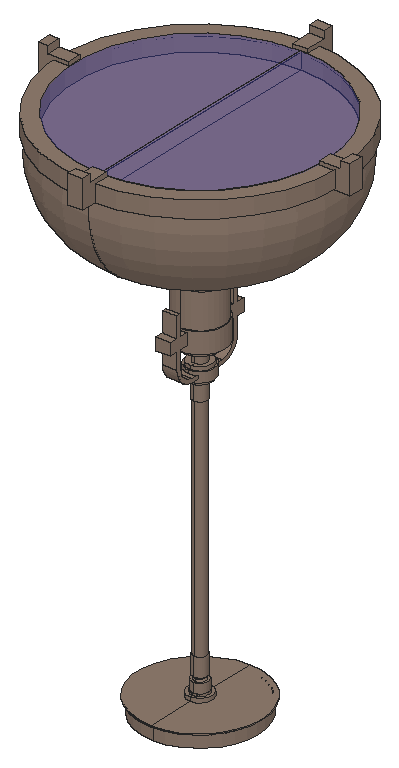
Revit family "3-6203-22 VIDA", category Lighting Fixtures, Revit 2014
Parameters
  Wattage = 9.2903 W
  built-in parameter 1150110 = 1 (stored number, unit not read)
  built-in parameter 1114217 = 1 (stored number, unit not read)
  Tilt Angle = 60.00°
  built-in parameter 1150109 = 1 (stored number, unit not read)
  built-in parameter 1150134 = 3
  built-in parameter 1150113 = 1 (stored number, unit not read)
  Stem  Length = 1' - 0"
  Photometric Web File = "generic"
  built-in parameter 1150142 = (empty or 0)
  Metal Finsih = 22- Oiled Bronze
  built-in parameter 1150105 = 109.82 (stored number, unit not read)
  Lumens = 1380 lm
  built-in parameter 1150115 = 1 (stored number, unit not read)
  built-in parameter 1150137 = (empty or 0)
  built-in parameter 1150139 = (empty or 0)
  built-in parameter 1150112 = 1 (stored number, unit not read)
  built-in parameter 1150114 = 1 (stored number, unit not read)
  built-in parameter 1150132 = (empty or 0)
  built-in parameter 1150102 = (empty or 0)
  built-in parameter 1150107 = 3200 (stored number, unit not read)
  built-in parameter 1150138 = (empty or 0)
  built-in parameter 1150106 = 1.0982 (stored number, unit not read)
  Emit from Circle Diameter = 1' - 0"
  Emit Shape Visible in Rendering = no
  built-in parameter 1150104 = 13.8 (stored number, unit not read)
  Dimming Lamp Color Temperature Shift = (empty or 0)
  Diffuser = Glass
  Default Elevation = 4' - 0"
  Color Filter = 16777215
  built-in parameter 1114218 = 1 (stored number, unit not read)
  built-in parameter 1150133 = 10 (stored number, unit not read)
Reference planes (in)
  plane 1 "Light Source Axis (F/B)": y = 0
  plane 2: z = 0
  plane 3 "Light Source Axis (L/R)": x = 0
  plane 4 "Light Source Elevation": z = 54
  plane 5: z = 0.7874
  plane 6: z = 2.75966
  plane 7: z = 14.75966
  plane 8: x = -0.25
  plane 9: x = 0.25
  plane 10: x = -0.375
  plane 11: x = 0.375
  plane 12: z = 28.14206
  plane 13: z = 20.46686
  plane 14: z = 15.70454
  plane 15: z = 16.53086
  plane 16: z = 17.23934
  plane 17: z = 27.25646
  plane 18: z = 19.56158
  plane 19: z = 16.01918
  plane 20: z = 28.73246
Forms (in)
  Revolve 1, solid, material "22- Oiled Bronze" <- "Metal Finsih"
    sketch origin (0, 0, 0) x (0, 1, 0) y (0, 0, 1)
      loop
        line (3.05117, 0) -> (3.05117, 0.62992)
        arc (3.05117, 0.62992) -> (3.01658, 0.71344) -> (2.93306, 0.74803) r 0.11811
        line (2.93306, 0.74803) -> (3.24802, 0.74803) -> (3.24802, 0.7874) -> (0, 0.7874) -> (0, 0) -> (3.05117, 0)
      axis (0, 0.7874) -> (0, 0)
    angle from 0 to 360
  Revolve 2, solid, material "22- Oiled Bronze" <- "Metal Finsih"
    sketch origin (0, 0, 0) x (0, 1, 0) y (0, 0, 1)
      loop
        line (0.37401, 2.75966) -> (0, 2.75966) -> (0, 0.7874) -> (0.62992, 0.7874) -> (0.62992, 0.98425) -> (0.45276, 0.98425) -> (0.45276, 1.07022) -> (0.43307, 1.09513) -> (0.43307, 1.56757) -> (0.27869, 1.56757)
        arc (0.27869, 1.56757) -> (0.24091, 1.6153) -> (0.19685, 1.6573) r 0.4362
        line (0.19685, 1.6573) -> (0.19685, 1.73604) -> (0.31496, 1.73604) -> (0.31496, 1.81478) -> (0.37401, 1.81478) -> (0.37401, 2.75966)
      axis (0, 2.75966) -> (0, 0.7874)
    angle from 0 to 360
  Revolve 3, solid, material "22- Oiled Bronze" <- "Metal Finsih"
    sketch origin (0, 0, 0) x (0, 1, 0) y (0, 0, 1)
      loop
        line (0.31496, 2.75966) -> (0.31496, 14.75966) -> (0, 14.75966) -> (0, 2.75966) -> (0.31496, 2.75966)
      axis (0, 14.75966) -> (0, 2.75966)
    angle from 0 to 360
  Extrusion 4, solid, material "22- Oiled Bronze" <- "Metal Finsih"
    sketch origin (0, 0, 0) x (0, 1, 0) y (0, 0, 1)
      loop
        line (-1.95816, 19.56158) -> (-1.95816, 18.49886) -> (-2.39112, 18.49886) -> (-2.39112, 17.8691) -> (-1.95816, 17.8691) -> (-1.95816, 16.99467)
        arc (-1.95816, 16.99467) -> (-1.67238, 16.31855) -> (-1.00217, 16.01918) r 1.00102
        line (-1.00217, 16.01918) -> (1.00217, 16.01918)
        arc (1.00217, 16.01918) -> (1.67238, 16.31855) -> (1.95816, 16.99467) r 1.00102
        line (1.95816, 16.99467) -> (1.95816, 17.8691) -> (2.39112, 17.8691) -> (2.39112, 18.49886) -> (1.95816, 18.49886) -> (1.95816, 19.56158) -> (1.76136, 19.56158) -> (1.76136, 18.49886) -> (1.31856, 18.49886) -> (1.31856, 17.8691) -> (1.76136, 17.8691) -> (1.76136, 16.99721)
        arc (1.76136, 16.99721) -> (1.53102, 16.45549) -> (0.99337, 16.21579) r 0.80422
        line (0.99337, 16.21579) -> (-0.99337, 16.21579)
        arc (-0.99337, 16.21579) -> (-1.53102, 16.45549) -> (-1.76136, 16.99721) r 0.80422
        line (-1.76136, 16.99721) -> (-1.76136, 17.8691) -> (-1.31856, 17.8691) -> (-1.31856, 18.49886) -> (-1.76136, 18.49886) -> (-1.76136, 19.56158) -> (-1.95816, 19.56158)
    from -0.375 to 0.375
  Extrusion 5, solid, material "22- Oiled Bronze" <- "Metal Finsih"
    sketch origin (0, 0, 0) x (0, 1, 0) y (0, 0, 1)
      loop
        line (8.15078, 28.73246) -> (7.67846, 28.73246) -> (7.67846, 28.33886) -> (6.5764, 28.33886) -> (6.5764, 28.14206) -> (7.38, 28.14206) -> (7.38, 27.25646) -> (8.15078, 27.25646) -> (8.15078, 28.73246)
      loop
        line (-7.67846, 28.73246) -> (-8.15078, 28.73246) -> (-8.15078, 27.25646) -> (-7.38, 27.25646) -> (-7.38, 28.14206) -> (-6.5764, 28.14206) -> (-6.5764, 28.33886) -> (-7.67846, 28.33886) -> (-7.67846, 28.73246)
    from -0.375 to 0.375
  Extrusion 6, solid, material "22- Oiled Bronze" <- "Metal Finsih"
    sketch origin (0, 0, 0) x (-1, 0, 0) y (0, 0, 1)
      loop
        line (8.15078, 28.73246) -> (7.67846, 28.73246) -> (7.67846, 28.33886) -> (6.5764, 28.33886) -> (6.5764, 28.14206) -> (7.38, 28.14206) -> (7.38, 27.25646) -> (8.15078, 27.25646) -> (8.15078, 28.73246)
      loop
        line (-7.67846, 28.73246) -> (-8.15078, 28.73246) -> (-8.15078, 27.25646) -> (-7.38, 27.25646) -> (-7.38, 28.14206) -> (-6.5764, 28.14206) -> (-6.5764, 28.33886) -> (-7.67846, 28.33886) -> (-7.67846, 28.73246)
    from -0.375 to 0.375
  Revolve 7, solid, material "22- Oiled Bronze" <- "Metal Finsih"
    sketch origin (0, 0, 0) x (0, 1, 0) y (0, 0, 1)
      loop
        line (0.37392, 14.75966) -> (0.37392, 15.7043) -> (0.62976, 15.7043) -> (0.62976, 15.86174) -> (0.74784, 15.86174) -> (0.74784, 16.37342) -> (0.62976, 16.37342) -> (0.62976, 16.53086) -> (0.35424, 16.53086) -> (0.35424, 17.23934) -> (0.984, 17.23934) -> (0.984, 17.51486) -> (1.31856, 17.51486) -> (1.31856, 18.57758) -> (1.23984, 18.57758) -> (1.23984, 20.46686) -> (1.33824, 20.46686)
        arc (1.33824, 20.46686) -> (1.6367, 21.06369) -> (2.2632, 21.29342) r 0.90446
        line (2.2632, 21.29342) -> (2.2632, 21.48531)
        arc (2.2632, 21.48531) -> (2.99285, 21.89086) -> (3.80982, 22.06233) r 2.78933
        arc (3.80982, 22.06233) -> (6.51667, 23.99681) -> (7.18293, 27.25646) r 4.54939
        line (7.18293, 27.25646) -> (7.38, 27.25646) -> (7.38, 28.14206) -> (6.5764, 28.14206) -> (6.5764, 27.25646) -> (0, 27.25646) -> (0, 14.75966) -> (0.37392, 14.75966)
      axis (0, 28.14206) -> (0, 14.75966)
    angle from 0 to 360
  Revolve 8, solid, material "Glass" <- "Diffuser"
    sketch origin (0, 0, 0) x (0, 1, 0) y (0, 0, 1)
      loop
        line (6.5764, 28.14206) -> (0, 28.14206) -> (0, 28.01706) -> (6.5764, 28.01706) -> (6.5764, 28.14206)
      axis (0, 28.14206) -> (0, 28.01706)
    angle from 0 to 360
Dimensions and locks (in)
  "Stem  Length": plane 7 to plane 6
  locked: plane 5 to level at 0.7874
  locked: plane 6 to plane 5 at 1.97226
  locked: plane 12 to plane 7 at 13.3824
  locked: plane 13 to plane 7 at 5.7072
  locked: plane 17 to plane 13 at 6.7896
  locked: plane 16 to plane 7 at 2.47968
  locked: plane 15 to plane 14 at 0.82632
  locked: plane 14 to plane 7 at 0.94488
  plane 13 to plane 16 = 0' - 3.22752"
  locked: plane 7 to plane 18 at 4.80192
  locked: plane 7 to plane 19 at 1.25952
  plane 20 to plane 17 = 0' - 1.476"
  locked: imposter light to plane 7 at 13.5792
  aligned and locked: level to plane 2
  aligned and locked: level to Revolve 1 sketch curve
  aligned and locked: plane 5 to Revolve 1 sketch curve
  aligned and locked: plane 6 to Revolve 2 sketch curve
  aligned and locked: plane 5 to Revolve 2 sketch curve
  aligned and locked: plane 6 to Revolve 3 sketch curve
  aligned and locked: plane 7 to Revolve 3 sketch curve
  aligned and locked: Extrusion 4 sketch curve to plane 18
  aligned and locked: Extrusion 4 sketch curve to plane 19
  aligned and locked: Extrusion 4 to plane 10
  aligned and locked: plane 11 to Extrusion 4
  aligned and locked: Extrusion 5 sketch curve to plane 17
  aligned and locked: plane 20 to Extrusion 5 sketch curve
  aligned and locked: Extrusion 5 to plane 10
  aligned and locked: plane 11 to Extrusion 5
  aligned and locked: plane 7 to Revolve 7 sketch curve
  aligned and locked: Revolve 7 sketch curve to plane 12
  aligned and locked: Revolve 7 sketch curve to plane 17
  aligned and locked: plane 17 to Revolve 7 sketch curve
  aligned and locked: Revolve 8 sketch curve to plane 12
Automatic sketch dimensions
  Revolve 1 sketch curve to plane 1 "Light Source Axis (F/B)" = 0' - 3.05117"
  Revolve 1 sketch curve to Revolve 1 sketch curve = 0' - 0.19685"
  Revolve 1 sketch curve to plane 5 = 0' - 0.15748"
  Revolve 1 sketch curve to Revolve 1 sketch curve = 0' - 0.11811"
  Revolve 1 sketch curve to Revolve 1 sketch curve = 0' - 0.03937"
  Revolve 1 sketch curve to plane 1 "Light Source Axis (F/B)" = 0' - 0"
  Revolve 1 sketch curve to Revolve 1 sketch curve = 0' - 0"
  Revolve 2 sketch curve to Revolve 2 sketch curve = 0' - 0.25591"
  Revolve 2 sketch curve to Revolve 2 sketch curve = 0' - 0.94488"
  Revolve 2 sketch curve to Revolve 2 sketch curve = 0' - 0.01968"
  plane 5 to Revolve 2 sketch curve = 0' - 0.28282"
  Revolve 2 sketch curve to Revolve 2 sketch curve = 0' - 0.02491"
  Revolve 2 sketch curve to Revolve 2 sketch curve = 0' - 0.08597"
  Revolve 2 sketch curve to Revolve 2 sketch curve = 0' - 0.17717"
  Revolve 2 sketch curve to Revolve 2 sketch curve = 0' - 0.05905"
  Revolve 2 sketch curve to Revolve 2 sketch curve = 0' - 0.07874"  (x2)
  Revolve 2 sketch curve to plane 1 "Light Source Axis (F/B)" = 0' - 0.19685"
  Revolve 2 sketch curve to Revolve 2 sketch curve = 0' - 0.11811"
  plane 1 "Light Source Axis (F/B)" to Revolve 2 sketch curve = 0' - 0.08139"
  Revolve 2 sketch curve to Revolve 2 sketch curve = 0' - 0.2462"
  Revolve 2 sketch curve to Revolve 2 sketch curve = 0' - 0.08184"
  Revolve 2 sketch curve to plane 1 "Light Source Axis (F/B)" = 0' - 0"
  Revolve 3 sketch curve to plane 1 "Light Source Axis (F/B)" = 0' - 0.31496"
  Revolve 3 sketch curve to plane 1 "Light Source Axis (F/B)" = 0' - 0"
  plane 18 to Extrusion 4 sketch curve = 0' - 1.06272"
  Extrusion 4 sketch curve to plane 16 = 0' - 0.24467"  (x2)
  Extrusion 4 sketch curve to plane 16 = 0' - 0.22014"  (x2)
  Extrusion 4 sketch curve to plane 1 "Light Source Axis (F/B)" = 0' - 0.95744"
  plane 1 "Light Source Axis (F/B)" to Extrusion 4 sketch curve = 0' - 0.95744"
  Extrusion 4 sketch curve to Extrusion 4 sketch curve = 0' - 0.43296"  (x3)
  Extrusion 4 sketch curve to Extrusion 4 sketch curve = 0' - 0.1968"  (x8)
  Extrusion 4 sketch curve to Extrusion 4 sketch curve = 0' - 0.4428"  (x3)
  Extrusion 4 sketch curve to Extrusion 4 sketch curve = 0' - 0.6396"
  Extrusion 4 sketch curve to Extrusion 4 sketch curve = 0' - 0"  (x10)
  plane 18 to Extrusion 4 sketch curve = 0' - 0"
  Extrusion 4 sketch curve to Extrusion 4 sketch curve = 0' - 0.00879"  (x2)
  Extrusion 4 sketch curve to plane 19 = 0' - 0.1966"
  plane 16 to Extrusion 4 sketch curve = 0' - 0.62976"  (x2)
  Extrusion 4 sketch curve to Extrusion 4 sketch curve = 0' - 0.62976"
  Extrusion 5 sketch curve to Extrusion 5 sketch curve = 0' - 0.29846"  (x2)
  Extrusion 5 sketch curve to Extrusion 5 sketch curve = 0' - 0.47232"  (x2)
  Extrusion 5 sketch curve to Extrusion 5 sketch curve = 0' - 1.10206"  (x2)
  plane 12 to Extrusion 5 sketch curve = 0' - 0.1968"  (x2)
  Extrusion 5 sketch curve to plane 12 = 0' - 0"  (x2)
  Extrusion 5 sketch curve to plane 17 = 0' - 0"
  Extrusion 5 sketch curve to plane 20 = 0' - 0"
  Extrusion 6 sketch curve to plane 17 = 0' - 0"  (x2)
  Extrusion 6 sketch curve to plane 20 = 0' - 0"  (x2)
  Extrusion 6 sketch curve to plane 12 = 0' - 0"  (x2)
  plane 11 to Extrusion 6 sketch curve = 0' - 7.77578"
  plane 12 to Extrusion 6 sketch curve = 0' - 0.1968"  (x2)
  Extrusion 6 sketch curve to Extrusion 6 sketch curve = 0' - 0.47232"
  Extrusion 6 sketch curve to Extrusion 6 sketch curve = 0' - 0.77078"  (x2)
  Extrusion 6 sketch curve to Extrusion 6 sketch curve = 0' - 0.8036"  (x2)
  Extrusion 6 sketch curve to plane 10 = 0' - 6.2014"
  Extrusion 6 sketch curve to Extrusion 6 sketch curve = 0' - 0.29846"
  Revolve 7 sketch curve to plane 15 = 0' - 0"
  Revolve 7 sketch curve to plane 16 = 0' - 0"
  plane 13 to Revolve 7 sketch curve = 0' - 0"
  Revolve 7 sketch curve to plane 1 "Light Source Axis (F/B)" = 0' - 0.35424"
  Revolve 7 sketch curve to plane 15 = 0' - 0.15744"
  Revolve 7 sketch curve to Revolve 7 sketch curve = 0' - 0.27552"
  Revolve 7 sketch curve to plane 14 = 0' - 0.00024"
  Revolve 7 sketch curve to Revolve 7 sketch curve = 0' - 0.25584"
  Revolve 7 sketch curve to Revolve 7 sketch curve = 0' - 0.11808"
  plane 16 to Revolve 7 sketch curve = 0' - 0.27552"
  Revolve 7 sketch curve to Revolve 7 sketch curve = 0' - 0.62976"
  Revolve 7 sketch curve to Revolve 7 sketch curve = 0' - 0.33456"
  Revolve 7 sketch curve to Revolve 7 sketch curve = 0' - 0.0984"
  plane 18 to Revolve 7 sketch curve = 0' - 0.2841"
  Revolve 7 sketch curve to Revolve 7 sketch curve = 0' - 4.48169"
  Revolve 7 sketch curve to Revolve 7 sketch curve = 0' - 0.19707"
  plane 14 to Revolve 7 sketch curve = 0' - 0.1572"
  plane 18 to Revolve 7 sketch curve = 0' - 0.984"
  Revolve 7 sketch curve to plane 13 = 0' - 0.07759"
  Revolve 7 sketch curve to Revolve 7 sketch curve = 0' - 0.19189"
  Revolve 7 sketch curve to Revolve 7 sketch curve = 0' - 0.78188"
  Revolve 7 sketch curve to Revolve 7 sketch curve = 0' - 0.60653"
  Revolve 7 sketch curve to plane 1 "Light Source Axis (F/B)" = 0' - 0"  (x2)
  Revolve 7 sketch curve to plane 1 "Light Source Axis (F/B)" = 0' - 0.37392"
  Revolve 7 sketch curve to level = 2' - 0"
  Revolve 7 sketch curve to plane 4 "Light Source Elevation" = 3' - 3.72669"
  Extrusion 4 sketch curve to Extrusion 4 sketch curve = 0' - 0.03593"  (x2)
  plane 1 "Light Source Axis (F/B)" to Extrusion 5 sketch curve = 0' - 6.5764"
  Extrusion 4 sketch curve to plane 1 "Light Source Axis (F/B)" = 0' - 1.31856"
  Extrusion 5 sketch curve to plane 1 "Light Source Axis (F/B)" = 0' - 6.5764"
  Revolve 7 sketch curve to Revolve 7 sketch curve = 0' - 0.07872"
  Revolve 7 sketch curve to Revolve 7 sketch curve = 0' - 0.90113"
  plane 13 to Revolve 7 sketch curve = 0' - 0.82656"
  Revolve 7 sketch curve to plane 1 "Light Source Axis (F/B)" = 0' - 2.70123"
  Revolve 7 sketch curve to Revolve 7 sketch curve = 0' - 1.72849"
  Revolve 8 sketch curve to plane 1 "Light Source Axis (F/B)" = 0' - 0"
  Revolve 8 sketch curve to plane 1 "Light Source Axis (F/B)" = 0' - 6.5764"
  Revolve 8 sketch curve to Revolve 8 sketch curve = 0' - 0 1/8"
